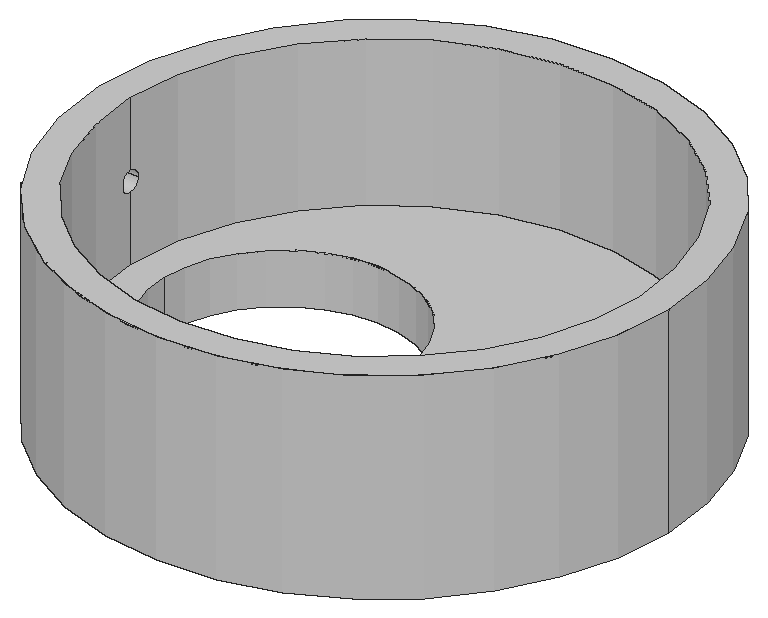
Revit family "KSP 15.6", category Фундамент несущей конструкции, Revit 2025
Family settings
  Материал для поведения модели = Прочее
  Заглушка = Нет
  Номер OmniClass = 23.25.05.00
  Заголовок OmniClass = Foundations
  На основе рабочей плоскости = Нет
  Всегда вертикально = Да
  При загрузке вырезать с полостями = Нет
  Общий = Нет
  Показывать семейство разрезанным на планах = Да
Parameters
  Петля = Петля_П1_П2 : П2
Reference planes
  plane 1 "По центру (Вперед/Назад)": y = -35
  plane 2: z = 0
  plane 3 "По центру (Влево/Вправо)": x = 0
  plane 4: z = 590
  plane 5: x = -840
  plane 6: x = -750
  plane 7: x = -650
  plane 8: x = 50
  plane 9: x = 750
  plane 10: x = 840
  plane 11: z = 150
  plane 12: x = -830
  plane 13: x = 830
  plane 14: z = 370
Forms (mm)
  Extrusion 1, solid, material "Бетон В15"
    sketch origin (0, 0, 0) x (1, 0, 0) y (0, 1, 0)
      loop
        circle (0, -35) r 840
      loop
        circle (0, -35) r 750
    from 0 to 590
  Extrusion 2, solid, material "Бетон В15"
    sketch origin (0, 0, 0) x (1, 0, 0) y (0, 1, 0)
      loop
        circle (0, -35) r 750
      loop
        circle (-300, -35) r 350
    from 0 to 150
  Extrusion 3, void
    sketch origin (0, 0, 0) x (0, 1, 0) y (0, 0, 1)
      loop
        circle (-35, 370) r 30
    from -830 to 830
Cuts and joins
  Extrusion 3 cuts Extrusion 1
  joined: Extrusion 1, Extrusion 2
Dimensions and locks
  plane 4 to level = 590 mm
  plane 14 to level = 370 mm
  aligned and locked: plane 2 to level
